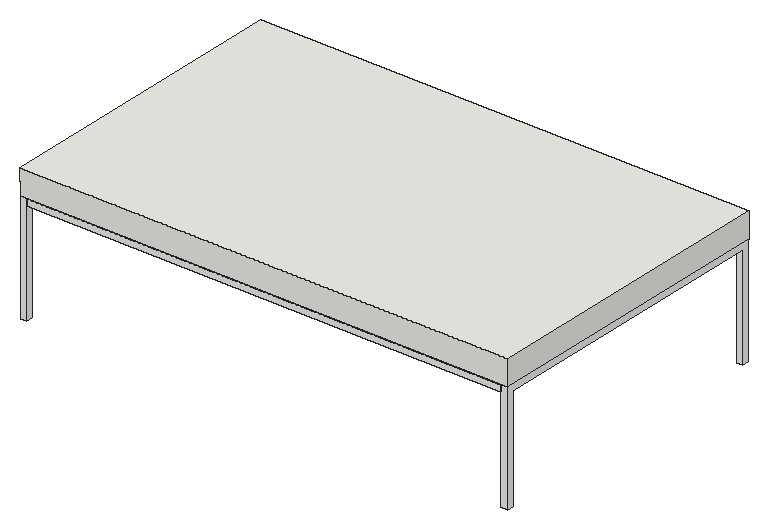
Revit family
Parameters (values of type "IKEA STD 38" x 23" x 10" - White")
  Top Material = Laminate - Ivory,Matte
  Frame Material = Metal - Aluminum
  Assembly Code = "E2020200"
  Height = 0' - 10 5/8"
  Length = 3' - 2 1/4"
  Width = 1' - 11 5/8"
Types (3): name | Top Material
  IKEA STD 38" x 23" x 10" - White | Laminate - Ivory,Matte
  IKEA STD 38" x 23" x 10" - Black | Wood - Black
  IKEA STD 38" x 23" x 10" - Birch | Wood - Birch
Reference planes (in)
  plane 1 "Center (Front/Back)": y = 3.74847
  plane 2: z = 0
  plane 3 "Center (Left/Right)": x = 0.71912
  plane 4 "Front": y = -8.06403
  plane 5 "Left": x = -18.40588
  plane 6 "Right": x = 19.84412
  plane 7 "Back": y = 15.56097
  plane 8 "Top": z = 10.625
  plane 9: z = 8.625
  plane 10: z = 8.125
Forms (in)
  Extrusion 1, solid, material "Laminate - Ivory,Matte" <- "Top Material"
    sketch origin (0, 0, 10.625) x (-1, 0, 0) y (0, -1, 0)
      loop
        line (18.40588, -15.56097) -> (18.40588, 8.06403) -> (-19.84412, 8.06403) -> (-19.84412, -15.56097) -> (18.40588, -15.56097)
    from -2 to 0
  Extrusion 2, solid, material "Metal - Aluminum" <- "Frame Material"
    sketch origin (-18.40588, 0, 0) x (0, 0, -1) y (0, -1, 0)
      loop
        line (0, -15.56097) -> (0, -15.06097) -> (-8.125, -15.06097) -> (-8.125, 7.56403) -> (0, 7.56403) -> (0, 8.06403) -> (-8.625, 8.06403) -> (-8.625, -15.56097) -> (0, -15.56097)
    from 0 to -0.5
  Extrusion 3, solid, material "Metal - Aluminum" <- "Frame Material"
    sketch origin (0, 0, 0) x (1, 0, 0) y (0, 1, 0)
      loop
        line (-17.90588, 15.06097) -> (19.34412, 15.06097) -> (19.34412, 15.56097) -> (-17.90588, 15.56097) -> (-17.90588, 15.06097)
    from 8.125 to 8.625
  Extrusion 4, solid, material "Metal - Aluminum" <- "Frame Material"
    sketch origin (19.84412, 0, 0) x (0, 0, -1) y (0, 1, 0)
      loop
        line (0, 15.56097) -> (-8.625, 15.56097) -> (-8.625, -8.06403) -> (0, -8.06403) -> (0, -7.56403) -> (-8.125, -7.56403) -> (-8.125, 15.06097) -> (0, 15.06097) -> (0, 15.56097)
    from 0 to -0.5
  Extrusion 5, solid, material "Metal - Aluminum" <- "Frame Material"
    sketch origin (0, 7.49694, 0) x (1, 0, 0) y (0, 1, 0)
      loop
        line (-17.90588, -15.06097) -> (-17.90588, -15.56097) -> (19.34412, -15.56097) -> (19.34412, -15.06097) -> (-17.90588, -15.06097)
    from 8.125 to 8.625
Dimensions and locks (in)
  equal spacing: plane 5 "Left", plane 3 "Center (Left/Right)", plane 6 "Right"
  "Length": plane 5 "Left" to plane 6 "Right"
  equal spacing: plane 4 "Front", plane 1 "Center (Front/Back)", plane 7 "Back"
  "Width": plane 4 "Front" to plane 7 "Back"
  "Height": plane 2 to plane 8 "Top"
  Extrusion 2 sketch curve to plane 8 "Top" = 0' - 2 1/2"
  plane 10 to plane 9 to plane 8 "Top" = 0' - 0 1/2" locked, 0' - 2" locked
  aligned and locked: plane 10 to Extrusion 2
  aligned and locked: Extrusion 2 to plane 9
  aligned and locked: Extrusion 3 to Extrusion 2
  aligned and locked: Extrusion 2 to Extrusion 3
  aligned and locked: Extrusion 1 to Extrusion 2
  aligned and locked: Extrusion 1 to plane 8 "Top"
  aligned and locked: Extrusion 5 to Extrusion 1
  aligned and locked: Extrusion 2 to Extrusion 5
  aligned and locked: Extrusion 4 to plane 6 "Right"
Automatic sketch dimensions
  Extrusion 1 sketch curve to plane 6 "Right" = 0' - 0"
  Extrusion 1 sketch curve to plane 4 "Front" = 0' - 0"
  Extrusion 1 sketch curve to plane 5 "Left" = 0' - 0"
  Extrusion 1 sketch curve to plane 7 "Back" = 0' - 0"
  Extrusion 2 sketch curve to plane 7 "Back" = 0' - 0"
  Extrusion 2 sketch curve to plane 9 = 0' - 0"
  Extrusion 2 sketch curve to level = 0' - 0"  (x2)
  Extrusion 2 sketch curve to plane 4 "Front" = 0' - 0"
  Extrusion 2 sketch curve to Extrusion 2 sketch curve = 0' - 0 1/2"
  Extrusion 2 sketch curve to plane 4 "Front" = 0' - 0 1/2"
  Extrusion 3 sketch curve to plane 7 "Back" = 0' - 0"
  Extrusion 3 sketch curve to plane 5 "Left" = 0' - 0 1/2"
  plane 6 "Right" to Extrusion 3 sketch curve = 0' - 0 1/2"
  Extrusion 3 sketch curve to Extrusion 3 sketch curve = 0' - 0 1/2"
  Extrusion 4 sketch curve to plane 7 "Back" = 0' - 0"
  Extrusion 4 sketch curve to plane 9 = 0' - 0"
  Extrusion 4 sketch curve to plane 10 = 0' - 0"
  Extrusion 4 sketch curve to level = 0' - 0"  (x2)
  Extrusion 4 sketch curve to plane 4 "Front" = 0' - 0"
  Extrusion 4 sketch curve to plane 4 "Front" = 0' - 0 1/2"
  plane 7 "Back" to Extrusion 4 sketch curve = 0' - 0 1/2"
  Extrusion 5 sketch curve to plane 4 "Front" = 0' - 0"
  plane 5 "Left" to Extrusion 5 sketch curve = 0' - 0 1/2"
  Extrusion 5 sketch curve to plane 6 "Right" = 0' - 0 1/2"
  plane 4 "Front" to Extrusion 5 sketch curve = 0' - 0 1/2"
